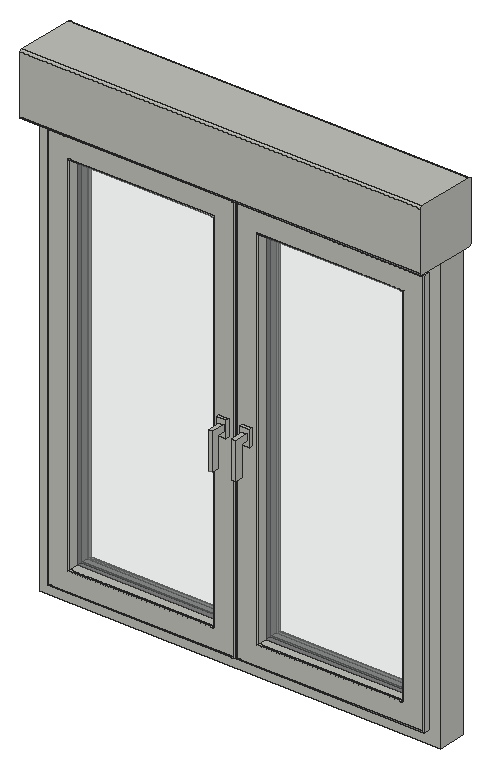
Revit family "2021_ES_Ventana_Replus_RE80-PVC-i30_11204_2H_Cajon-Persiana", category Ventanas, Revit 2021
Family settings
  Anfitrión = Muro
  Número OmniClass = 23.30.20.00
  Título OmniClass = Windows
  Siempre vertical = Sí
  Corte con vacíos al cargar = No
  Compartido = No
  Punto de cálculo de habitación = No
Parameters (values of type "11204_BOX")
  Ι_Wll Thcknss [instance] = 200.000 mm
  Ι_Wdth Cntrl = if(Anchura < 791.000 mm, 791.000 mm, if(Anchura > 2961.000 mm, 2961.000 mm, Anchura))  # 1200.000 mm
  Ι_Nst Cntrl [instance] = if(Retranqueo > Ι_Wll Thcknss - 80.000 mm, Ι_Wll Thcknss - 80.000 mm, if(Retranqueo = Ι_Wll Thcknss - 80.000 mm, Ι_Wll Thcknss - 80.000 mm, Retranqueo))  # 0.000 mm
  Ι_Hndl Hght Cntrl = if(Altura de Manilla < 200.000 mm, 200.000 mm, if(Altura de Manilla > Ι_Hght Cntrl - 150.000 mm, Ι_Hght Cntrl - 150.000 mm, Altura de Manilla))  # 650.000 mm
  Ι_Hght Cntrl = if(Altura < 429.000 mm, 429.000 mm, if(Altura > 2658.000 mm, 2658.000 mm, Altura))  # 1300.000 mm
  Zona = ""
  Visibilidad Líneas Apertura - Planta = yes
  Visibilidad Líneas Apertura - Alzado = yes
  Vida Util Esperada = ""
  Version Estandar GDO-BIM = "GDO-BIM V02"  # constant formula
  Version = "RVT2021"  # constant formula
  Verano de transmitancia termica = 0
  Unidad Medicion = ""
  Unidad = ""
  Uniclass2015 Titulo = ""
  Uniclass2015 Codigo = ""
  URL de Declaracion de Prestaciones = ""
  URL Producto = "https://replus.es/bim/"
  URL Perfil BIM = "https://bimetica.com/es/objeto-bim-replus-ventana-re80-pvc-i30-2-hojas-oscilobatientes-cajon-persiana-11110.html"
  URL = "https://replus.es/"
  UNSPSC Titulo = "Windows"  # constant formula
  UNSPSC Codigo = "30171600"  # constant formula
  Transmitancia termica invierno = 0
  Transmitancia solar = 0
  Transmitancia de ganancia de calor solar = 0
  Transmision de luz visible = 0
  Titular = "Regicarp, S.L."  # constant formula
  Tipo Embalaje Proteccion = ""
  Tiene antepecho interno = yes
  Tiene antepecho externo = yes
  Tiempo Util De Vida = ""
  Tiempo Medio Entre Fallos = ""
  Telefono Contacto = "+34 966544310"  # constant formula
  Soporte tecnico BIM = "https://bimsupport.info/es/fabricantes/regicarp-replus-bim/"
  Sistema = ""
  Serie = ""
  Responsable Seguridad = ""
  Responsable Prescripcion = ""
  Responsable Compra = ""
  Residuos Peligrosos por Unidad = 0
  Residuos No Peligrosos por Unidad = 0
  Residuo Radioactivo por Unidad = 0
  Residuo Inerte por Unidad = 0
  Reflectancia solar = 0
  Reflectancia de luz visible = 0
  Referencia Unidad Funcional = ""
  Referencia Lote = ""
  Referencia Contacto Soporte Tecnico = ""
  Referencia Contacto Comercial Venta = ""
  Referencia = "RE 80/PVC/i30"
  Punto de Contacto = ""
  Proteccion con Malla = yes
  Plataforma descaga contenido BIM = "www.bimetica.com"
  Periodo Garantia = ""
  Partida URL = ""
  Pais de Venta = ""
  Omniclass Titulo = "Plastic Windows"  # constant formula
  Omniclass Codigo = "23-17 13 17"  # constant formula
  Numero de Licencia = "XXXXXXXXXX9500 / No-aportada por bimboject AB (anterior)"  # constant formula
  Numero de Declaracion de Prestaciones = ""
  Numero Serie = ""
  Numero Articulo Global Comercial = ""
  Numero Articulo = ""
  Nivel de Riesgo = ""
  Material Envoltura = ""
  Material Contenedor = ""
  Material = PVC - Replus - 9152 - White
  Masterformat Titulo = "Plastic Windows"  # constant formula
  Masterformat Codigo = "08 53 00"  # constant formula
  Marcado CE = yes
  Mantenimiento = ""
  Lugar Ensamblaje = ""
  Instrucciones Especiales = ""
  Informacion Tecnica = ""
  IfcExportType = "Oscilobatiente"  # constant formula
  IfcExportAs = "IfcWindow"  # constant formula
  Identificador Garantia = ""
  Historial = "(RVT2021) Creacion de Elemento."  # constant formula
  Gubimclass Titulo = "Ventanas de fachadas"  # constant formula
  Gubimclass Codigo = "30.10.20.10"  # constant formula
  Gas de Relleno = ""
  Garantia Extendida = yes
  Fuente Datos LCA = ""
  Formacion Fotoquimica Ozono por Unidad = 0
  Fecha Vencimiento Elemento BIM = ""
  Fecha Suministro = ""
  Fecha Inicio Garantia = ""
  Fecha Fin Garantia = ""
  Fecha Evaluacion = ""
  Fecha Emision Elemento BIM = ""
  Fecha Compra = ""
  Fecha Colocacion = ""
  Fase Ciclo Vida = ""
  Falta de Recursos por Unidad = 0
  Exclusiones = ""
  Eutrofizacion por Unidad = 0
  Etiqueta Modelo = ""
  Estandar seguridad = ""
  Espesor de vidrio 3 = 0.000 mm
  Espesor de vidrio 2 = 0.000 mm
  Espesor de vidrio 1 = 0.000 mm
  Espacio libre acceso = 0.000 mm
  Espacio = ""
  Es templado = yes
  Es recubierto = yes
  Es laminado = yes
  Es Exterior = yes
  Es Accesible = yes
  Energia consumida = 0
  Energia Renovable Consumida por Unidad = 0
  Energia Primaria Total Consumida por Unidad = 0
  Energia No Renovable Consumida por Unidad = 0
  Email Contacto = "info@replus.es"  # constant formula
  Destruccion Capa Ozono Estratosferica por Unidad = 0
  Descripcion Evaluacion = ""
  Dependiente De = ""
  Definir propiedades térmicas por = Tipo esquemático
  Declaracion Ambiental de Producto URL = ""
  Creditos LEED = ""
  Creditos BREEAM = ""
  Coste Mantenimiento = 0
  Contenido Garantia = ""
  Contacto = ""
  Condiciones de Venta = ""
  Condiciones Evaluacion = ""
  Color de vidrio = ""
  Coeficiente de sombreado = 0
  Codigo Barras = ""
  Codigo = ""
  Clasificacion de carga de viento = ""
  Capas de vidrio = 0
  Cambio Climatico por Unidad = 0
  COBie Categoria = "IfcWindow"
  Base Precio Producto 03 = ""
  Base Precio Producto 02 = ""
  Base Precio Producto 01 = ""
  Autor = "Bimetica Parametric Design Services S.L. (actual) / bimobject AB (anterior)"
  Ano Produccion = ""
  Anchura aproximada = Ι_Wdth Cntrl + 2 * Hueco  # 1220.000 mm
  Altura minima requerida = 0.000 mm
  Altura aproximada = Ι_Hght Cntrl + 2 * Hueco  # 1320.000 mm
  Retranqueo [instance] = 0.000 mm
  Product Material = PVC - Replus - 9152 - White
  Modelo = "11204_BOX"
  Material secondary = "Glass"
  Material main = "PVC"
  Fabricante = "Replus"
  Nota clave = "08500"
  I_Lf_Cntrl = (Ι_Wdth Cntrl - 2.000 mm * 36.8 - 6.000 mm) / 2  # 560.200 mm
  I_Glss_Wdth = (Ι_Wdth Cntrl - 2.000 mm * 36.8 - 6.000 mm) / 2 - (79.000 mm * 2)  # 402.200 mm
  Hueco = 10.000 mm
  Altura = 1300.000 mm
  Exceso Dimensiones = or(and(Altura < 429.000 mm, Advertencia Dimensión), and(Anchura < 791.000 mm, Advertencia Dimensión), and(Anchura > 2961.000 mm, Advertencia Dimensión), and(Altura > 2658.000 mm, Advertencia Dimensión))  # no
  Edition number = 1
  Descripción = "Perfiles de hoja oculta en PVC, mejorando sustancialmente el campo visual, con triple junta (mediante junta rigida en el marco) protegiendo de esta manera todos los puntos de cierre, aumentando la seguridad y proporcionando una junta perimetral completa, con perfilería de clasificación máxima S-II-A"
  Default Sill Height = 800.000 mm
  Cierre de muro = Por anfitrión
  Anchura = 1200.000 mm
  Código de montaje = "B2020100"
  Construcción analítica = "<None>"
  Altura de Manilla = 650.000 mm
  Agua Consumida por Unidad = 0
  Advertencia Dimensión = yes
  Acidificacion Atmosferica por Unidad = 0
  Acabado = ""
  Absorcion solar = 0
Types (2, lengths in mm): name | Ι_Wdth Cntrl | Ι_Hndl Hght Cntrl | Ι_Hght Cntrl | Anchura aproximada | Altura aproximada | I_Lf_Cntrl | I_Glss_Wdth | Altura | Anchura | Altura de Manilla
  11204_BOX | 1200.000 | 650.000 | 1300.000 | 1220.000 | 1320.000 | 560.200 | 402.200 | 1300.000 | 1200.000 | 650.000
  2 | 800.000 | 300.000 | 800.000 | 820.000 | 820.000 | 360.200 | 202.200 | 800.000 | 800.000 | 300.000
Reference planes
  plane 1 "Center (Front/Back)": y = 0
  plane 2 "Center (Left/Right)": x = 0
  plane 3 "Left": x = -610
  plane 4 "Right": x = 610
  plane 5 "Sill": z = 800
  plane 6 "Head": z = 2305
  plane 7 "Exterior": y = 100
  plane 8 "Interior": y = -100
  plane 9: x = -600
  plane 10: x = 600
  plane 11: z = 2110
  plane 12: z = 810
  plane 13 "Inset": y = -20
  plane 14: x = -563.2
  plane 15: x = 563.2
  plane 16: z = 2073.2
  plane 17: z = 846.8
  plane 18 "fg": x = -503.2
  plane 19 "glass": y = -42.5
  plane 20: y = -46.5
  plane 21: y = -64.5
  plane 22: y = -68.5
  plane 23: y = -86.5
  plane 24: y = -90.5
  plane 25: x = 503.2
  plane 26 "fg2": z = 2025.2
  plane 27: z = 894.8
  plane 28: x = -3
  plane 29: x = 3
  plane 30: x = 63
  plane 31: x = -63
  plane 32: x = -35
  plane 33: x = 35
  plane 34: x = -300
  plane 35: x = 300
  plane 36: z = 1460
  plane 37: y = -53
  plane 38: y = -104.304
  plane 39: y = 500
  plane 40: y = -100
  plane 41: x = -46
  plane 42: x = 46
  plane 43: x = -520.2
  plane 44: x = 520.2
  plane 45: z = 2030.2
  plane 46: z = 889.8
  plane 47: z = 2009.2
  plane 48: z = 910.8
  plane 49: x = -499.2
  plane 50: x = -67
  plane 51: x = 67
  plane 52: x = 499.2
  plane 53: y = -38.5
  plane 54: y = -118.5
  plane 55 "C": y = -78.5
  plane 56 "fg3": x = -515.2
  plane 57 "5": x = -51
  plane 58 "3": x = -509.2
  plane 59 "1": z = 900.8
  plane 60 "2": z = 2019.2
  plane 61 "4": x = -57
  plane 62: x = 51
  plane 63: x = 515.2
  plane 64: x = 57
  plane 65: x = 509.2
  plane 66: z = 2295
  plane 67: y = 10
Forms (mm)
  Sweep 1, solid, material "PVC - Replus - 9152 - White" <- "Product Material", detail levels fine
    path origin (0, -20, 0) x (-1, 0, 0) y (0, 0, 1)
      loop
        line (600, 2110) -> (-600, 2110) -> (-600, 810) -> (600, 810) -> (600, 2110)
    profile origin (-600, -20, 1460) x (1, 0, 0) y (0, 1, 0)
      loop
        line (0, -80) -> (43.8, -80)
        arc (43.8, -80) -> (44.507, -79.707) -> (44.8, -79) r 1
        line (44.8, -79) -> (44.8, -38) -> (63.811, -38) -> (63.811, -18.5) -> (75.767, -18.5)
        arc (75.767, -18.5) -> (76.56, -18.109) -> (76.733, -17.241) r 1
        line (76.733, -17.241) -> (72.709, -2.224)
        arc (72.709, -2.224) -> (71.637, -0.62) -> (69.811, 0) r 3
        line (69.811, 0) -> (0, 0) -> (0, -80)
  Extrusion 2, solid, material "Glass - Replus", detail levels fine
    sketch origin (0, 0, 0) x (1, 0, 0) y (0, 1, 0)
      loop
        line (-515.2, -42.5) -> (-515.2, -46.5) -> (-51, -46.5) -> (-51, -42.5) -> (-515.2, -42.5)
      loop
        line (-515.2, -64.5) -> (-515.2, -68.5) -> (-51, -68.5) -> (-51, -64.5) -> (-515.2, -64.5)
      loop
        line (-515.2, -86.5) -> (-515.2, -90.5) -> (-51, -90.5) -> (-51, -86.5) -> (-515.2, -86.5)
      loop
        line (51, -42.5) -> (51, -46.5) -> (515.2, -46.5) -> (515.2, -42.5) -> (51, -42.5)
      loop
        line (51, -64.5) -> (51, -68.5) -> (515.2, -68.5) -> (515.2, -64.5) -> (51, -64.5)
      loop
        line (51, -86.5) -> (51, -90.5) -> (515.2, -90.5) -> (515.2, -86.5) -> (51, -86.5)
    from 894.8 to 2025.2
  Sweep 3, solid, material "PVC - Replus - 9152 - White" <- "Product Material", detail levels fine
    path origin (0, -20, 0) x (-1, 0, 0) y (0, 0, 1)
      loop
        line (0, 2073.2) -> (0, 846.8)
    profile "Profile 05 - Inversora : Profile 05 - Inversora" origin (0, -20, 1460) x (-1, 0, 0) y (0, 1, 0)
      loop
        line (36.791, 0) -> (-38.492, 0)
        arc (-38.492, 0) -> (-39.937, -0.49) -> (-40.784, -1.758) r 2.372
        line (-40.784, -1.758) -> (-45.27, -18.5) -> (-35.296, -18.5) -> (-19.158, -18.5) -> (-19.158, -28.799) -> (-35.094, -38) -> (-10.996, -38) -> (-10.996, -58.9) -> (-8.796, -58.9) -> (-8.796, -60.9) -> (-5.696, -60.9) -> (-5.696, -59.85) -> (0.504, -59.85) -> (0.504, -74.15) -> (-6.296, -74.15) -> (-6.296, -73.1) -> (-8.796, -73.1) -> (-8.796, -75.1) -> (-10.996, -75.1) -> (-10.996, -79.5)
        arc (-10.996, -79.5) -> (-10.85, -79.854) -> (-10.496, -80) r 0.5
        line (-10.496, -80) -> (22.004, -80) -> (22.004, -79) -> (22.004, -56.25) -> (22.004, -38) -> (33.504, -38)
        arc (33.504, -38) -> (33.857, -37.854) -> (34.004, -37.5) r 0.5
        line (34.004, -37.5) -> (34.004, -20.5) -> (34.004, -18.5) -> (43.47, -18.5) -> (38.958, -1.663)
        arc (38.958, -1.663) -> (38.157, -0.464) -> (36.791, 0) r 2.243
  Sweep 4, solid, material "PVC - Replus - 9152 - White" <- "Product Material", detail levels fine
    path origin (0, -20, 0) x (-1, 0, 0) y (0, 0, 1)
      loop
        line (-563.2, 2073.2) -> (-563.2, 846.8) -> (-3, 846.8) -> (-3, 2073.2) -> (-563.2, 2073.2)
    profile origin (3, -20, 1460) x (0, 1, 0) y (-1, 0, 0)
      loop
        line (-32.5, -33) -> (-42, -33) -> (-42, -27.5) -> (-42, -20) -> (-80, -20) -> (-80, -7.5) -> (-80, 0) -> (-95.5, 0)
        arc (-95.5, 0) -> (-97.621, -0.879) -> (-98.5, -3) r 3
        line (-98.5, -3) -> (-98.5, -61)
        arc (-98.5, -61) -> (-97.621, -63.121) -> (-95.5, -64) r 3
        line (-95.5, -64) -> (-70.5, -64) -> (-70.5, -43) -> (-22.5, -43) -> (-22.5, -40.495) -> (-22.5, -33) -> (-32.5, -33)
  Sweep 5, solid, material "PVC - Replus - 9152 - White" <- "Product Material", detail levels fine
    path origin (0, -20, 0) x (-1, 0, 0) y (0, 0, 1)
      loop
        line (563.2, 2073.2) -> (3, 2073.2) -> (3, 846.8) -> (563.2, 846.8) -> (563.2, 2073.2)
    profile origin (-563.2, -20, 1460) x (1, 0, 0) y (0, 1, 0)
      loop
        line (33, -32.5) -> (33, -42) -> (27.5, -42) -> (20, -42) -> (20, -80) -> (7.5, -80) -> (0, -80) -> (0, -95.5)
        arc (0, -95.5) -> (0.879, -97.621) -> (3, -98.5) r 3
        line (3, -98.5) -> (61, -98.5)
        arc (61, -98.5) -> (63.121, -97.621) -> (64, -95.5) r 3
        line (64, -95.5) -> (64, -70.5) -> (43, -70.5) -> (43, -22.5) -> (40.495, -22.5) -> (33, -22.5) -> (33, -32.5)
  Sweep 6, solid, material "PVC - Replus - 9152 - White" <- "Product Material", detail levels medium
    path origin (0, -20, 0) x (-1, 0, 0) y (0, 0, 1)
      loop
        line (0, 846.8) -> (0, 2073.2)
    profile origin (0, -20, 1460) x (1, 0, 0) y (0, 1, 0)
      loop
        line (-43.202, 0) -> (-43.202, -18.5) -> (-36, -18.5) -> (-36, -19.5) -> (-36, -42) -> (-23.004, -42) -> (-23.004, -80) -> (23, -80) -> (23, -58.9) -> (23, -42) -> (36, -42) -> (36, -38.377) -> (36, -18.5) -> (41.196, -18.5) -> (44.198, -18.5) -> (44.198, 0) -> (-43.202, 0)
  Sweep 7, solid, material "PVC - Replus - 9152 - White" <- "Product Material", detail levels medium
    path origin (0, -20, 0) x (-1, 0, 0) y (0, 0, 1)
      loop
        line (600, 2110) -> (-600, 2110) -> (-600, 810) -> (600, 810) -> (600, 2110)
    profile origin (-600, -20, 1460) x (1, 0, 0) y (0, 1, 0)
      loop
        line (0, -80) -> (56.8, -80) -> (56.8, -42) -> (69.8, -42) -> (69.8, -18.5) -> (76.662, -18.5) -> (76.662, 0) -> (0, 0) -> (0, -80)
  Sweep 8, solid, material "PVC - Replus - 9152 - White" <- "Product Material", detail levels medium
    path origin (0, -20, 0) x (-1, 0, 0) y (0, 0, 1)
      loop
        line (563.2, 2073.2) -> (3, 2073.2) -> (3, 846.8) -> (563.2, 846.8) -> (563.2, 2073.2)
    profile origin (-563.2, -20, 1460) x (1, 0, 0) y (0, 1, 0)
      loop
        line (20, -42) -> (20, -80) -> (0, -80) -> (0, -98.5) -> (64, -98.5) -> (64, -70.5) -> (43, -70.5) -> (43, -22.5) -> (33, -22.5) -> (33, -42) -> (20, -42)
  Sweep 9, solid, material "PVC - Replus - 9152 - White" <- "Product Material", detail levels medium
    path origin (0, -20, 0) x (-1, 0, 0) y (0, 0, 1)
      loop
        line (-3, 2073.2) -> (-563.2, 2073.2) -> (-563.2, 846.8) -> (-3, 846.8) -> (-3, 2073.2)
    profile origin (3, -20, 1460) x (1, 0, 0) y (0, 1, 0)
      loop
        line (20, -42) -> (20, -80) -> (0, -80) -> (0, -98.5) -> (64, -98.5) -> (64, -70.5) -> (43, -70.5) -> (43, -22.5) -> (33, -22.5) -> (33, -42) -> (20, -42)
  Sweep 10, solid, material "PVC - Replus - 9152 - White" <- "Product Material", detail levels coarse
    path origin (0, -20, 0) x (-1, 0, 0) y (0, 0, 1)
      loop
        line (600, 2110) -> (-600, 2110) -> (-600, 810) -> (600, 810) -> (600, 2110)
    profile origin (-600, -20, 1460) x (1, 0, 0) y (0, 1, 0)
      loop
        line (0, -80) -> (56.8, -80) -> (56.8, -18.5) -> (76.662, -18.5) -> (76.662, 0) -> (0, 0) -> (0, -80)
  Sweep 11, solid, material "PVC - Replus - 9152 - White" <- "Product Material", detail levels coarse
    path origin (0, -20, 0) x (-1, 0, 0) y (0, 0, 1)
      loop
        line (563.2, 2073.2) -> (3, 2073.2) -> (3, 846.8) -> (563.2, 846.8) -> (563.2, 2073.2)
    profile origin (-563.2, -20, 1460) x (1, 0, 0) y (0, 1, 0)
      loop
        line (20, -75.1) -> (20, -80) -> (7.5, -80) -> (0, -80) -> (0, -98.5) -> (64, -98.5) -> (64, -18.5) -> (43, -18.5) -> (40.495, -18.5) -> (20, -18.5) -> (20, -75.1)
  Sweep 12, solid, material "PVC - Replus - 9152 - White" <- "Product Material", detail levels coarse
    path origin (0, -20, 0) x (-1, 0, 0) y (0, 0, 1)
      loop
        line (-3, 2073.2) -> (-563.2, 2073.2) -> (-563.2, 846.8) -> (-3, 846.8) -> (-3, 2073.2)
    profile origin (3, -20, 1460) x (1, 0, 0) y (0, 1, 0)
      loop
        line (20, -75.1) -> (20, -80) -> (7.5, -80) -> (0, -80) -> (0, -98.5) -> (64, -98.5) -> (64, -18.5) -> (43, -18.5) -> (40.495, -18.5) -> (20, -18.5) -> (20, -75.1)
  Extrusion 13, solid, material "Glass - Replus", detail levels medium
    sketch origin (0, 0, 0) x (1, 0, 0) y (0, 1, 0)
      loop
        line (-520.2, -42.5) -> (-520.2, -90.5) -> (-46, -90.5) -> (-46, -42.5) -> (-520.2, -42.5)
      loop
        line (520.2, -42.5) -> (46, -42.5) -> (46, -90.5) -> (520.2, -90.5) -> (520.2, -42.5)
    from 889.8 to 2030.2
  Sweep 14, solid, material "PVC - Replus - 9152 - White" <- "Product Material", detail levels coarse
    path origin (0, -20, 0) x (-1, 0, 0) y (0, 0, 1)
      loop
        line (0, 846.8) -> (0, 2073.2)
    profile origin (0, -20, 1460) x (1, 0, 0) y (0, 1, 0)
      loop
        line (-43.206, 0) -> (-43.206, -18.5) -> (-23.004, -18.5) -> (-23.004, -80) -> (22.996, -80) -> (22.996, -18.5) -> (41.192, -18.5) -> (44.194, -18.5) -> (44.194, 0) -> (-43.206, 0)
  Extrusion 15, solid, material "Glass - Replus", detail levels coarse
    sketch origin (0, 0, 0) x (1, 0, 0) y (0, 1, 0)
      loop
        line (-499.2, -38.5) -> (-499.2, -118.5) -> (-67, -118.5) -> (-67, -38.5) -> (-499.2, -38.5)
      loop
        line (67, -38.5) -> (67, -118.5) -> (499.2, -118.5) -> (499.2, -38.5) -> (67, -38.5)
    from 910.8 to 2009.2
  Sweep 16, solid, material "Rubber - Replus - Black", detail levels fine
    path origin (0, -20, 0) x (-1, 0, 0) y (0, 0, 1)
      loop
        line (509.2, 2019.2) -> (57, 2019.2) -> (57, 900.8) -> (509.2, 900.8) -> (509.2, 2019.2)
    profile origin (-509.2, -20, 1460) x (1, 0, 0) y (0, 1, 0)
      loop
        line (0, -26.5) -> (0, -44.5) -> (6, -44.5) -> (6, -26.5) -> (0, -26.5)
      loop
        line (0, -48.5) -> (0, -66.5) -> (6, -66.5) -> (6, -48.5) -> (0, -48.5)
  Sweep 17, solid, material "Rubber - Replus - Black", detail levels medium+fine
    path origin (0, -20, 0) x (-1, 0, 0) y (0, 0, 1)
      loop
        line (520.2, 2030.2) -> (46, 2030.2) -> (46, 889.8) -> (520.2, 889.8) -> (520.2, 2030.2)
    profile origin (-520.2, -20, 1460) x (1, 0, 0) y (0, 1, 0)
      loop
        line (-10, -18.5) -> (-10, -22.5) -> (21, -22.5) -> (21, -18.5) -> (-10, -18.5)
  Sweep 18, solid, material "Rubber - Replus - Black", detail levels medium+fine
    path origin (566.2, -20, 0) x (-1, 0, 0) y (0, 0, 1)
      loop
        line (520.2, 2030.2) -> (46, 2030.2) -> (46, 889.8) -> (520.2, 889.8) -> (520.2, 2030.2)
    profile origin (46, -20, 1460) x (1, 0, 0) y (0, 1, 0)
      loop
        line (-10, -18.5) -> (-10, -22.5) -> (21, -22.5) -> (21, -18.5) -> (-10, -18.5)
  Sweep 19, solid, material "Rubber - Replus - Black", detail levels fine
    path origin (566.2, -20, 0) x (-1, 0, 0) y (0, 0, 1)
      loop
        line (509.2, 2019.2) -> (57, 2019.2) -> (57, 900.8) -> (509.2, 900.8) -> (509.2, 2019.2)
    profile origin (57, -20, 1460) x (1, 0, 0) y (0, 1, 0)
      loop
        line (0, -26.5) -> (0, -44.5) -> (6, -44.5) -> (6, -26.5) -> (0, -26.5)
      loop
        line (0, -48.5) -> (0, -66.5) -> (6, -66.5) -> (6, -48.5) -> (0, -48.5)
Cuts and joins
  joined: Sweep 6, Sweep 7
  joined: Sweep 10, Sweep 14
  joined: Sweep 1, Sweep 3
Lines and regions (mm)
  Opening 1
    outline origin (3500, -100, 0) x (1, 0, 0) y (0, 0, 1)
      loop
        line (-2890, 800) -> (-2890, 2305) -> (-4110, 2305) -> (-4110, 800) -> (-2890, 800)
  symbolic lines, style "Symbolic Lines Replus", visible <- "Visibilidad Líneas Apertura - Alzado"
    curve 1: line (-300, -20, 2009.2) -> (-499.2, -20, 910.8)
    curve 2: line (-300, -20, 2009.2) -> (-67, -20, 910.8)
    curve 3: line (-67, -20, 1460) -> (-499.2, -20, 2009.2)
    curve 4: line (-67, -20, 1460) -> (-499.2, -20, 910.8)
    curve 5: line (300, -20, 2009.218) -> (67, -20, 910.8)
    curve 6: line (300, -20, 2009.218) -> (499.2, -20, 910.8)
    curve 7: line (67, -20, 1460) -> (499.2, -20, 2009.2)
    curve 8: line (67, -20, 1460) -> (499.2, -20, 910.8)
  symbolic lines, detail levels coarse
    curve 9: line (499.2, -78.5, 0) -> (67, -78.5, 0)
    curve 10: line (-499.2, -78.5, 0) -> (-67, -78.5, 0)
    curve 11: line (-610, -78.5, 2009.2) -> (-610, -78.5, 910.8)
  symbolic lines, visible <- "Visibilidad Líneas Apertura - Planta"
    curve 12: line (-563.2, -118.5, 0) -> (-563.2, -678.604, 0)
    curve 13: arc (-563.2, -678.604, 0) -> (-167.113, -514.559, 0) -> (-3, -118.5, 0) r 560.2
    curve 14: line (563.2, -118.5, 0) -> (563.2, -678.604, 0)
    curve 15: arc (563.2, -678.604, 0) -> (167.113, -514.559, 0) -> (3, -118.5, 0) r 560.2
  model lines, style "Symbolic Lines Replus", visible <- "Visibilidad Líneas Apertura - Alzado"
    curve 16: line (-300, -42.5, 2009.2) -> (-499.2, -42.5, 910.8)
    curve 17: line (-67, -42.5, 910.8) -> (-300, -42.5, 2009.2)
    curve 18: line (-67, -42.5, 1460) -> (-499.2, -42.5, 2009.2)
    curve 19: line (-67, -42.5, 1460) -> (-499.2, -42.5, 910.8)
    curve 20: line (300, -42.5, 2009.2) -> (67, -42.5, 910.8)
    curve 21: line (499.2, -42.5, 910.8) -> (300, -42.5, 2009.2)
    curve 22: line (67, -42.5, 1460) -> (499.2, -42.5, 2009.2)
    curve 23: line (67, -42.5, 1460) -> (499.2, -42.5, 910.8)
Text (mm)
  text "EXTERIOR" at (-1963.203, 1332.353, 0), in view "Ref. Level"
  text "INTERIOR" at (-1981.466, -818.386, 0), in view "Ref. Level"
  text "Exterior" at (0, 923.751, 2943.296), in view "Right"
  text "Exterior" at (0, 1040.484, 2685.409), in view "Left"
Dimensions and locks
  equal spacing: plane 3 "Left", plane 2 "Center (Left/Right)", plane 4 "Right"
  "Ι_Wdth Cntrl": plane 9 to plane 10
  "Ι_Hght Cntrl": plane 12 to plane 11
  "Default Sill Height": plane 5 "Sill" to level
  locked: plane 7 "Exterior" to host wall
  locked: plane 8 "Interior" to host wall
  "Hueco": plane 3 "Left" to plane 9
  "Hueco": plane 10 to plane 4 "Right"
  "Hueco": plane 12 to plane 5 "Sill"
  locked: plane 9 to plane 14 at 36.8
  locked: plane 15 to plane 10 at 36.8
  locked: plane 14 to plane 18 "fg" at 60
  plane 13 "Inset" to plane 19 "glass" to plane 20 to plane 21 to plane 22 to plane 23 to plane 24 = 22.500 mm, 4.000 mm, 18.000 mm, 4.000 mm, 18.000 mm, 4.000 mm
  locked: plane 25 to plane 15 at 60
  plane 28 to plane 2 "Center (Left/Right)" to plane 29 = 3.000 mm locked, 3.000 mm locked
  locked: plane 29 to plane 30 at 60
  locked: plane 31 to plane 28 at 60
  locked: plane 2 "Center (Left/Right)" to plane 33 at 35
  locked: plane 32 to plane 2 "Center (Left/Right)" at 35
  plane 11 to plane 12 = 1300.000 mm
  equal spacing: plane 9, plane 34, plane 2 "Center (Left/Right)"
  equal spacing: plane 10, plane 35, plane 2 "Center (Left/Right)"
  "Ι_Wll Thcknss": host wall to host wall
  plane 38 to plane 37 to plane 13 "Inset" = 51.304 mm, 33.000 mm
  locked: plane 39 to plane 7 "Exterior" at 400
  "Ι_Hndl Hght Cntrl": plane 36 to plane 12
  plane 40 to plane 24 = 9.500 mm
  "Ι_Nst Cntrl": plane 8 "Interior" to plane 40
  plane 13 "Inset" to plane 53 to plane 54 = 18.500 mm locked, 80.000 mm locked
  locked: plane 54 to plane 55 "C" at 40
  plane 43 to plane 56 "fg3" to plane 58 "3" to plane 18 "fg" to plane 49 = 5.000 mm locked, 6.000 mm locked, 6.000 mm locked, 4.000 mm locked
  plane 48 to plane 59 "1" to plane 27 to plane 46 to plane 17 to plane 12 = 10.000 mm locked, 6.000 mm locked, 5.000 mm locked, 43.000 mm locked, 36.800 mm locked
  plane 11 to plane 16 to plane 45 to plane 26 "fg2" to plane 60 "2" to plane 47 = 36.800 mm locked, 43.000 mm locked, 5.000 mm locked, 6.000 mm locked, 10.000 mm locked
  plane 50 to plane 31 to plane 61 "4" to plane 57 "5" to plane 41 = 4.000 mm locked, 6.000 mm locked, 6.000 mm locked, 5.000 mm locked
  plane 42 to plane 62 to plane 64 to plane 30 to plane 51 = 5.000 mm locked, 6.000 mm locked, 6.000 mm locked, 4.000 mm locked
  plane 52 to plane 25 to plane 65 to plane 63 to plane 44 = 4.000 mm locked, 6.000 mm locked, 6.000 mm locked, 5.000 mm locked
  "Hueco": plane 66 to plane 6 "Head"
  locked: plane 11 to plane 66 at 185
  locked: plane 13 "Inset" to plane 67 at 30
  "I_Lf_Cntrl": radius of curve 15
  "I_Lf_Cntrl": radius of curve 13
  aligned and locked: Sweep 1 sketch curve to plane 11
  aligned and locked: Sweep 1 sketch curve to plane 10
  aligned and locked: plane 9 to Sweep 1 sketch curve
  aligned and locked: plane 12 to Sweep 1 sketch curve
  aligned and locked: plane 19 "glass" to Extrusion 2 sketch curve  (x2)
  aligned and locked: Extrusion 2 sketch curve to plane 20  (x2)
  aligned and locked: plane 21 to Extrusion 2 sketch curve  (x2)
  aligned and locked: Extrusion 2 sketch curve to plane 22  (x2)
  aligned and locked: plane 23 to Extrusion 2 sketch curve  (x2)
  aligned and locked: Extrusion 2 sketch curve to plane 24  (x2)
  aligned and locked: plane 26 "fg2" to Extrusion 2
  aligned and locked: Extrusion 2 to plane 27
  aligned and locked: plane 2 "Center (Left/Right)" to Sweep 3 sketch curve  (x2)
  aligned and locked: Sweep 4 sketch curve to plane 16
  aligned and locked: plane 15 to Sweep 4 sketch curve
  aligned and locked: plane 29 to Sweep 4 sketch curve
  aligned and locked: plane 17 to Sweep 4 sketch curve
  aligned and locked: plane 28 to Sweep 5 sketch curve
  aligned and locked: Sweep 5 sketch curve to plane 16
  aligned and locked: plane 14 to Sweep 5 sketch curve
  aligned and locked: plane 17 to Sweep 5 sketch curve
  aligned and locked: plane 2 "Center (Left/Right)" to Sweep 6 sketch curve  (x2)
  aligned and locked: Sweep 7 sketch curve to plane 10
  aligned and locked: plane 9 to Sweep 7 sketch curve
  aligned and locked: plane 12 to Sweep 7 sketch curve
  aligned and locked: Sweep 7 sketch curve to plane 11
  aligned and locked: Sweep 8 sketch curve to plane 16
  aligned and locked: plane 14 to Sweep 8 sketch curve
  aligned and locked: plane 28 to Sweep 8 sketch curve
  aligned and locked: plane 17 to Sweep 8 sketch curve
  aligned and locked: Sweep 9 sketch curve to plane 16
  aligned and locked: plane 15 to Sweep 9 sketch curve
  aligned and locked: plane 29 to Sweep 9 sketch curve
  aligned and locked: plane 17 to Sweep 9 sketch curve
  aligned and locked: plane 9 to Sweep 10 sketch curve
  aligned and locked: Sweep 10 sketch curve to plane 11
  aligned and locked: Sweep 10 sketch curve to plane 10
  aligned and locked: plane 12 to Sweep 10 sketch curve
  aligned and locked: Sweep 11 sketch curve to plane 16
  aligned and locked: plane 28 to Sweep 11 sketch curve
  aligned and locked: plane 14 to Sweep 11 sketch curve
  aligned and locked: plane 17 to Sweep 11 sketch curve
  aligned and locked: Sweep 12 sketch curve to plane 16
  aligned and locked: plane 15 to Sweep 12 sketch curve
  aligned and locked: plane 29 to Sweep 12 sketch curve
  aligned and locked: plane 17 to Sweep 12 sketch curve
  aligned and locked: plane 2 "Center (Left/Right)" to Sweep 14 sketch curve  (x2)
  aligned and locked: plane 16 to Sweep 6 sketch curve
  aligned and locked: plane 17 to Sweep 6 sketch curve
  aligned and locked: plane 16 to Sweep 3 sketch curve
  aligned and locked: plane 17 to Sweep 3 sketch curve
  aligned and locked: plane 16 to Sweep 14 sketch curve
  aligned and locked: plane 17 to Sweep 14 sketch curve
  aligned and locked: nested 3 to plane 39
  aligned and locked: nested 3 to plane 2 "Center (Left/Right)"
  aligned and locked: plane 43 to Extrusion 13 sketch curve
  aligned and locked: plane 19 "glass" to Extrusion 13 sketch curve
  aligned and locked: plane 41 to Extrusion 13 sketch curve
  aligned and locked: Extrusion 13 sketch curve to plane 42
  aligned and locked: Extrusion 13 sketch curve to plane 19 "glass"
  aligned and locked: Extrusion 13 sketch curve to plane 44
  aligned and locked: Extrusion 13 to plane 46
  aligned and locked: plane 45 to Extrusion 13
  aligned and locked: plane 49 to Extrusion 15 sketch curve
  aligned and locked: Extrusion 15 sketch curve to plane 54  (x2)
  aligned and locked: plane 53 to Extrusion 15 sketch curve  (x2)
  aligned and locked: plane 50 to Extrusion 15 sketch curve
  aligned and locked: plane 51 to Extrusion 15 sketch curve
  aligned and locked: plane 52 to Extrusion 15 sketch curve
  aligned and locked: plane 47 to Extrusion 15
  aligned and locked: Extrusion 15 to plane 48
  aligned and locked: curve 9 to plane 55 "C"
  aligned and locked: plane 55 "C" to curve 9
  aligned and locked: plane 51 to curve 9
  aligned and locked: plane 52 to curve 9
  aligned and locked: plane 55 "C" to curve 10  (x2)
  aligned and locked: plane 50 to curve 10
  aligned and locked: plane 49 to curve 10
  aligned and locked: curve 11 to plane 55 "C"
  aligned and locked: plane 55 "C" to curve 11
  aligned and locked: plane 48 to curve 11
  aligned and locked: plane 47 to curve 11
  aligned and locked: plane 47 to curve 7
  aligned and locked: plane 52 to curve 7
  aligned and locked: plane 35 to curve 5
  aligned and locked: plane 52 to curve 6
  aligned and locked: plane 51 to curve 5
  aligned and locked: plane 48 to curve 5
  aligned and locked: plane 48 to Extrusion 15
  aligned and locked: plane 50 to curve 2
  aligned and locked: plane 49 to curve 4
  aligned and locked: plane 48 to curve 1
  aligned and locked: plane 47 to curve 2
  aligned and locked: curve 12 to plane 14
  aligned and locked: plane 54 to curve 12
  aligned and locked: plane 54 to curve 13
  aligned and locked: plane 28 to curve 13
  aligned and locked: plane 54 to curve 14
  aligned and locked: plane 15 to curve 14
  aligned and locked: plane 29 to curve 15
  aligned and locked: plane 36 to curve 19
  aligned and locked: plane 50 to curve 19
  aligned and locked: plane 47 to curve 18
  aligned and locked: plane 49 to curve 18
  aligned and locked: plane 34 to curve 16
  aligned and locked: plane 48 to curve 17
  aligned and locked: plane 50 to curve 17
  aligned and locked: plane 35 to curve 20
  aligned and locked: plane 47 to curve 20
  aligned and locked: plane 51 to curve 20
  aligned and locked: plane 48 to curve 23
  aligned and locked: plane 36 to curve 22
  aligned and locked: plane 51 to curve 23
  aligned and locked: plane 56 "fg3" to Extrusion 2 sketch curve  (x3)
  aligned and locked: plane 57 "5" to Extrusion 2 sketch curve  (x3)
  aligned and locked: Sweep 16 sketch curve to plane 60 "2"
  aligned and locked: plane 58 "3" to Sweep 16 sketch curve
  aligned and locked: plane 61 "4" to Sweep 16 sketch curve
  aligned and locked: plane 59 "1" to Sweep 16 sketch curve
  aligned and locked: nested 1 to plane 36
  aligned and locked: nested 1 to plane 32
  aligned and locked: plane 43 to Sweep 17 sketch curve
  aligned and locked: plane 62 to Extrusion 2 sketch curve  (x3)
  aligned and locked: plane 63 to Extrusion 2 sketch curve  (x3)
  aligned and locked: plane 42 to Sweep 18 sketch curve
  aligned and locked: plane 44 to Sweep 18 sketch curve
  aligned and locked: Sweep 17 sketch curve to plane 45
  aligned and locked: plane 46 to Sweep 17 sketch curve
  aligned and locked: Sweep 18 sketch curve to plane 45
  aligned and locked: plane 46 to Sweep 18 sketch curve
  aligned and locked: plane 33 to nested 2
  aligned and locked: nested 2 to plane 36
  aligned and locked: Sweep 19 sketch curve to plane 60 "2"
  aligned and locked: plane 65 to Sweep 19 sketch curve
  aligned and locked: plane 64 to Sweep 19 sketch curve
  aligned and locked: plane 59 "1" to Sweep 19 sketch curve
  aligned and locked: Extrusion 13 sketch curve to plane 24
  aligned and locked: plane 24 to Extrusion 13 sketch curve
  aligned and locked: plane 41 to Sweep 17 sketch curve
  aligned and locked: plane 67 to nested 4
  aligned and locked: nested 4 to plane 2 "Center (Left/Right)"
  aligned and locked: nested 4 to plane 11
Automatic sketch dimensions
  plane 3 "Left" to Opening 1 sketch curve = 0.000 mm
  plane 4 "Right" to Opening 1 sketch curve = 0.000 mm
  Opening 1 sketch curve to plane 5 "Sill" = 0.000 mm
  Opening 1 sketch curve to plane 6 "Head" = 0.000 mm
  curve 8 to plane 36 = 0.000 mm
  curve 8 to plane 51 = 0.000 mm
  curve 3 to plane 36 = 0.000 mm
  plane 50 to curve 3 = 0.000 mm
  curve 2 to plane 34 = 0.000 mm
  curve 3 to plane 47 = 0.000 mm
  curve 3 to plane 49 = 0.000 mm
  curve 8 to plane 48 = 0.000 mm
  curve 2 to plane 48 = 0.000 mm
  plane 47 to curve 5 = 0.018 mm
  Sweep 1 sketch curve to profile plane = 0.000 mm
  Sweep 1 sketch curve to plane 13 "Inset" = 0.000 mm
  Sweep 1 sketch curve to profile plane = 43.800 mm
  Sweep 1 sketch curve to Sweep 1 sketch curve = 1.000 mm
  Sweep 1 sketch curve to Sweep 1 sketch curve = 19.011 mm
  Sweep 1 sketch curve to Sweep 1 sketch curve = 6.000 mm
  Sweep 1 sketch curve to plane 13 "Inset" = 2.224 mm
  Sweep 1 sketch curve to Sweep 1 sketch curve = 2.898 mm
  Sweep 1 sketch curve to Sweep 1 sketch curve = 11.956 mm
  Sweep 1 sketch curve to plane 13 "Inset" = 17.241 mm
  Sweep 1 sketch curve to Sweep 1 sketch curve = 0.966 mm
  Sweep 1 sketch curve to Sweep 1 sketch curve = 0.259 mm
  Sweep 1 sketch curve to Sweep 1 sketch curve = 19.500 mm
  Sweep 1 sketch curve to Sweep 1 sketch curve = 41.000 mm
  Sweep 7 sketch curve to profile plane = 0.000 mm
  Sweep 7 sketch curve to plane 13 "Inset" = 0.000 mm
  Sweep 7 sketch curve to profile plane = 56.800 mm
  Sweep 7 sketch curve to Sweep 7 sketch curve = 13.000 mm
  Sweep 7 sketch curve to Sweep 7 sketch curve = 6.862 mm
  Sweep 7 sketch curve to plane 13 "Inset" = 18.500 mm
  Sweep 7 sketch curve to Sweep 7 sketch curve = 23.500 mm
  Sweep 7 sketch curve to Sweep 7 sketch curve = 38.000 mm
  Sweep 10 sketch curve to profile plane = 0.000 mm
  Sweep 10 sketch curve to plane 13 "Inset" = 0.000 mm
  Sweep 10 sketch curve to Sweep 10 sketch curve = 56.800 mm
  Sweep 10 sketch curve to Sweep 10 sketch curve = 19.862 mm
  Sweep 10 sketch curve to plane 13 "Inset" = 18.500 mm
  Sweep 10 sketch curve to plane 13 "Inset" = 80.000 mm
  Sweep 5 sketch curve to profile plane = 0.000 mm
  Sweep 5 sketch curve to profile plane = 3.000 mm
  Sweep 5 sketch curve to profile plane = 7.500 mm
  Sweep 5 sketch curve to Sweep 5 sketch curve = 12.500 mm
  Sweep 5 sketch curve to Sweep 5 sketch curve = 7.500 mm
  Sweep 5 sketch curve to Sweep 5 sketch curve = 5.500 mm
  Sweep 5 sketch curve to Sweep 5 sketch curve = 7.495 mm
  Sweep 5 sketch curve to Sweep 5 sketch curve = 23.000 mm
  Sweep 5 sketch curve to Sweep 5 sketch curve = 18.000 mm
  Sweep 5 sketch curve to Sweep 5 sketch curve = 21.000 mm
  Sweep 5 sketch curve to plane 13 "Inset" = 98.500 mm
  Sweep 5 sketch curve to Sweep 5 sketch curve = 15.500 mm
  Sweep 5 sketch curve to Sweep 5 sketch curve = 25.000 mm
  Sweep 5 sketch curve to Sweep 5 sketch curve = 28.500 mm
  Sweep 5 sketch curve to Sweep 5 sketch curve = 9.500 mm
  Sweep 5 sketch curve to Sweep 5 sketch curve = 10.000 mm
  Sweep 8 sketch curve to profile plane = 0.000 mm
  Sweep 8 sketch curve to profile plane = 20.000 mm
  Sweep 8 sketch curve to Sweep 8 sketch curve = 13.000 mm
  Sweep 8 sketch curve to Sweep 8 sketch curve = 23.000 mm
  Sweep 8 sketch curve to Sweep 8 sketch curve = 21.000 mm
  Sweep 8 sketch curve to plane 13 "Inset" = 98.500 mm
  Sweep 8 sketch curve to Sweep 8 sketch curve = 18.500 mm
  Sweep 8 sketch curve to Sweep 8 sketch curve = 9.500 mm
  Sweep 8 sketch curve to Sweep 8 sketch curve = 28.500 mm
  Sweep 8 sketch curve to Sweep 8 sketch curve = 19.500 mm
  Sweep 11 sketch curve to profile plane = 0.000 mm
  Sweep 11 sketch curve to profile plane = 7.500 mm
  Sweep 11 sketch curve to Sweep 11 sketch curve = 12.500 mm
  Sweep 11 sketch curve to Sweep 11 sketch curve = 20.495 mm
  Sweep 11 sketch curve to Sweep 11 sketch curve = 2.505 mm
  Sweep 11 sketch curve to Sweep 11 sketch curve = 21.000 mm
  Sweep 11 sketch curve to plane 13 "Inset" = 98.500 mm
  Sweep 11 sketch curve to Sweep 11 sketch curve = 18.500 mm
  Sweep 11 sketch curve to Sweep 11 sketch curve = 4.900 mm
  Sweep 11 sketch curve to plane 13 "Inset" = 18.500 mm
  Sweep 12 sketch curve to profile plane = 0.000 mm
  Sweep 12 sketch curve to Sweep 12 sketch curve = 7.500 mm
  Sweep 12 sketch curve to Sweep 12 sketch curve = 12.500 mm
  Sweep 12 sketch curve to Sweep 12 sketch curve = 20.495 mm
  Sweep 12 sketch curve to Sweep 12 sketch curve = 2.505 mm
  Sweep 12 sketch curve to Sweep 12 sketch curve = 21.000 mm
  Sweep 12 sketch curve to plane 13 "Inset" = 98.500 mm
  Sweep 12 sketch curve to Sweep 12 sketch curve = 18.500 mm
  Sweep 12 sketch curve to Sweep 12 sketch curve = 4.900 mm
  Sweep 12 sketch curve to plane 13 "Inset" = 18.500 mm
  Sweep 9 sketch curve to profile plane = 0.000 mm
  Sweep 9 sketch curve to Sweep 9 sketch curve = 20.000 mm
  Sweep 9 sketch curve to Sweep 9 sketch curve = 13.000 mm
  Sweep 9 sketch curve to Sweep 9 sketch curve = 23.000 mm
  Sweep 9 sketch curve to Sweep 9 sketch curve = 21.000 mm
  Sweep 9 sketch curve to plane 13 "Inset" = 98.500 mm
  Sweep 9 sketch curve to Sweep 9 sketch curve = 18.500 mm
  Sweep 9 sketch curve to Sweep 9 sketch curve = 9.500 mm
  Sweep 9 sketch curve to Sweep 9 sketch curve = 28.500 mm
  Sweep 9 sketch curve to Sweep 9 sketch curve = 19.500 mm
  Sweep 4 sketch curve to profile plane = 0.000 mm
  Sweep 4 sketch curve to plane 13 "Inset" = 98.500 mm
  Sweep 4 sketch curve to Sweep 4 sketch curve = 3.000 mm  (x2)
  profile plane to Sweep 4 sketch curve = 7.500 mm
  Sweep 4 sketch curve to Sweep 4 sketch curve = 15.500 mm
  Sweep 4 sketch curve to Sweep 4 sketch curve = 25.000 mm
  Sweep 4 sketch curve to Sweep 4 sketch curve = 28.500 mm
  Sweep 4 sketch curve to Sweep 4 sketch curve = 9.500 mm
  Sweep 4 sketch curve to Sweep 4 sketch curve = 10.000 mm
  Sweep 4 sketch curve to Sweep 4 sketch curve = 12.500 mm
  Sweep 4 sketch curve to Sweep 4 sketch curve = 7.500 mm
  Sweep 4 sketch curve to Sweep 4 sketch curve = 5.500 mm
  Sweep 4 sketch curve to Sweep 4 sketch curve = 7.495 mm
  Sweep 4 sketch curve to Sweep 4 sketch curve = 2.505 mm
  Sweep 4 sketch curve to Sweep 4 sketch curve = 18.000 mm
  Sweep 6 sketch curve to plane 13 "Inset" = 0.000 mm
  Sweep 6 sketch curve to plane 13 "Inset" = 18.500 mm  (x2)
  profile plane to Sweep 6 sketch curve = 43.202 mm
  Sweep 6 sketch curve to Sweep 6 sketch curve = 7.202 mm
  Sweep 6 sketch curve to Sweep 6 sketch curve = 12.996 mm
  Sweep 6 sketch curve to profile plane = 23.000 mm
  Sweep 6 sketch curve to Sweep 6 sketch curve = 12.999 mm
  Sweep 6 sketch curve to Sweep 6 sketch curve = 5.197 mm
  Sweep 6 sketch curve to Sweep 6 sketch curve = 3.002 mm
  Sweep 6 sketch curve to Sweep 6 sketch curve = 1.000 mm
  Sweep 6 sketch curve to plane 13 "Inset" = 38.377 mm
  Sweep 6 sketch curve to Sweep 6 sketch curve = 3.623 mm
  Sweep 6 sketch curve to Sweep 6 sketch curve = 22.500 mm
  Sweep 6 sketch curve to Sweep 6 sketch curve = 16.900 mm
  Sweep 6 sketch curve to Sweep 6 sketch curve = 21.100 mm
  Sweep 14 sketch curve to plane 13 "Inset" = 0.000 mm
  profile plane to Sweep 14 sketch curve = 43.206 mm
  profile plane to Sweep 14 sketch curve = 23.004 mm
  Sweep 14 sketch curve to profile plane = 22.996 mm
  Sweep 14 sketch curve to Sweep 14 sketch curve = 18.196 mm
  Sweep 14 sketch curve to Sweep 14 sketch curve = 3.002 mm
  Sweep 14 sketch curve to plane 13 "Inset" = 18.500 mm  (x2)
  Sweep 14 sketch curve to Sweep 14 sketch curve = 61.500 mm
  plane 54 to curve 15 = 0.000 mm
  plane 14 to curve 13 = 0.000 mm
  plane 15 to curve 15 = 0.000 mm
  curve 16 to plane 48 = 0.000 mm
  curve 16 to plane 49 = 0.000 mm
  plane 52 to curve 21 = 0.000 mm
  curve 22 to plane 47 = 0.000 mm
  plane 52 to curve 22 = 0.000 mm
  curve 20 to plane 48 = 0.000 mm
  curve 17 to plane 47 = 0.000 mm
  Sweep 16 sketch curve to profile plane = 0.000 mm  (x2)
  Sweep 16 sketch curve to profile plane = 6.000 mm
  Sweep 16 sketch curve to Sweep 16 sketch curve = 0.000 mm
  Sweep 16 sketch curve to plane 13 "Inset" = 66.500 mm
  Sweep 16 sketch curve to Sweep 16 sketch curve = 18.000 mm  (x2)
  Sweep 16 sketch curve to Sweep 16 sketch curve = 4.000 mm
  profile plane to Sweep 17 sketch curve = 10.000 mm
  Sweep 17 sketch curve to profile plane = 21.000 mm
  Sweep 17 sketch curve to plane 13 "Inset" = 22.500 mm
  Sweep 17 sketch curve to Sweep 17 sketch curve = 4.000 mm
  profile plane to Sweep 18 sketch curve = 10.000 mm
  Sweep 18 sketch curve to profile plane = 21.000 mm
  Sweep 18 sketch curve to plane 13 "Inset" = 22.500 mm
  Sweep 18 sketch curve to Sweep 18 sketch curve = 4.000 mm
  Sweep 19 sketch curve to profile plane = 0.000 mm  (x2)
  Sweep 19 sketch curve to profile plane = 6.000 mm
  Sweep 19 sketch curve to Sweep 19 sketch curve = 0.000 mm
  Sweep 19 sketch curve to plane 13 "Inset" = 66.500 mm
  Sweep 19 sketch curve to Sweep 19 sketch curve = 18.000 mm  (x2)
  Sweep 19 sketch curve to Sweep 19 sketch curve = 4.000 mm
Nested families
  nested 1: "Handle" at (-35, -118.5, 1460) x (1, 0, 0) z (0, -1, 0), type "Handle", detail levels medium+fine
  nested 2: "Handle" at (35, -118.5, 1460) x (1, 0, 0) z (0, -1, 0), type "Handle", detail levels medium+fine
  nested 3: "Dimensions Overconstraint Warning" at (0, 500, 0), visible <- "Exceso Dimensiones", type "Dimensions Overconstraint Warning"
  nested 4: "Shutter Box - Replus" at (0, -82.5, 2110), type "Shutter Box - Replus"
    with Width 1200.000 mm
Definition of nested family "Handle"
  Parameters (values of type "Handle")
    Material = none
    Default Elevation = 1219.200 mm
  Reference planes
    plane 1 "Centre (avant/arrière)": y = 0
    plane 2: z = 0
    plane 3 "Centre (gauche/droite)": x = 0
    plane 4: z = 40
    plane 5: y = -100
    plane 6 "Plaque": z = 10
    plane 7: x = -6
  Forms (mm)
    Extrusion 1, solid
      sketch origin (0, 0, 0) x (1, 0, 0) y (0, 1, 0)
        loop
          line (-1219.2, 1219.2) -> (-1219.2, -1219.2) -> (1219.2, -1219.2) -> (1219.2, 1219.2) -> (-1219.2, 1219.2)
      from 0 to -304.8
    Extrusion 2, solid, material <- "Material"
      sketch origin (0, 0, 0) x (1, 0, 0) y (0, 1, 0)
        loop
          line (-14.231, 24.783) -> (-14.231, -24.783) -> (14.231, -24.783) -> (14.231, 24.783) -> (-14.231, 24.783)
      from 0 to 10
    Sweep 3, solid, material <- "Material"
      path origin (0, 0, 0) x (0, 1, 0) y (0, 0, 1)
        loop
          line (0, 10) -> (0, 40) -> (-100, 40)
      profile origin (0, 0, 25) x (0, -1, 0) y (1, 0, 0)
        loop
          line (10, -6) -> (10, 6) -> (-10, 6) -> (-10, -6) -> (10, -6)
  Dimensions and locks
    plane 4 to plane 2 = 40.000 mm
    plane 5 to plane 1 "Centre (avant/arrière)" = 100.000 mm
    equal spacing: Extrusion 2 sketch curve, plane 3 "Centre (gauche/droite)", Extrusion 2 sketch curve
    equal spacing: Extrusion 2 sketch curve, plane 1 "Centre (avant/arrière)", Extrusion 2 sketch curve
    Extrusion 2 sketch curve to Extrusion 2 sketch curve = 28.462 mm
    Extrusion 2 sketch curve to Extrusion 2 sketch curve = 49.566 mm
    locked: plane 7 to plane 3 "Centre (gauche/droite)" at 6
    aligned and locked: plane 2 to Extrusion 1
    aligned and locked: level to Extrusion 1
    aligned and locked: plane 6 "Plaque" to Extrusion 2
    aligned and locked: plane 6 "Plaque" to Sweep 3 sketch curve
    aligned and locked: plane 5 to Sweep 3 sketch curve
    aligned and locked: Sweep 3 sketch curve to plane 4
    aligned and locked: Sweep 3 sketch curve to plane 1 "Centre (avant/arrière)"
Definition of nested family "Shutter Box - Replus"
  Parameters (values of type "Shutter Box - Replus")
    Width = 750.000 mm
    Shutter Box Material = none
    Default Elevation = 0.000 mm
  Reference planes
    plane 1 "Center (Front/Back)": y = 0
    plane 2: z = 0
    plane 3 "Center (Left/Right)": x = 0
    plane 4: x = -375
    plane 5: x = 375
  Forms (mm)
    Sweep 1, solid, material <- "Shutter Box Material", detail levels fine
      path origin (0, 0, 0) x (1, 0, 0) y (0, 1, 0)
        loop
          line (-375, 0) -> (375, 0)
      profile origin (0, 0, 0) x (0, 1, 0) y (0, 0, 1)
        loop
          line (0, 0) -> (87.5, 0)
          arc (87.5, 0) -> (91.036, 1.464) -> (92.5, 5) r 5
          line (92.5, 5) -> (92.5, 180)
          arc (92.5, 180) -> (91.036, 183.536) -> (87.5, 185) r 5
          line (87.5, 185) -> (-87.5, 185)
          arc (-87.5, 185) -> (-91.036, 183.536) -> (-92.5, 180) r 5
          line (-92.5, 180) -> (-92.5, 5)
          arc (-92.5, 5) -> (-91.036, 1.464) -> (-87.5, 0) r 5
          line (-87.5, 0) -> (0, 0)
    Sweep 2, solid, material <- "Shutter Box Material", detail levels coarse+medium
      path origin (0, 0, 0) x (1, 0, 0) y (0, 1, 0)
        loop
          line (-375, 0) -> (375, 0)
      profile origin (0, 0, 0) x (0, 1, 0) y (0, 0, 1)
        loop
          line (92.5, 0) -> (92.5, 185) -> (-92.5, 185) -> (-92.5, 0) -> (92.5, 0)
  Dimensions and locks
    equal spacing: plane 4, plane 3 "Center (Left/Right)", plane 5
    "Width": plane 4 to plane 5
    aligned and locked: level to plane 2
    aligned and locked: plane 1 "Center (Front/Back)" to Sweep 1 sketch curve  (x2)
    aligned and locked: plane 4 to Sweep 1 sketch curve
    aligned and locked: plane 5 to Sweep 1 sketch curve
    aligned and locked: plane 1 "Center (Front/Back)" to Sweep 2 sketch curve  (x2)
    aligned and locked: plane 4 to Sweep 2 sketch curve
    aligned and locked: plane 5 to Sweep 2 sketch curve
  Automatic sketch dimensions
    Sweep 1 sketch curve to level = 0.000 mm
    Sweep 1 sketch curve to profile plane = 0.000 mm
    profile plane to Sweep 1 sketch curve = 87.500 mm  (x2)
    Sweep 1 sketch curve to Sweep 1 sketch curve = 5.000 mm
    Sweep 1 sketch curve to profile plane = 87.500 mm  (x2)
    level to Sweep 1 sketch curve = 5.000 mm
    Sweep 1 sketch curve to Sweep 1 sketch curve = 175.000 mm
    profile plane to Sweep 2 sketch curve = 92.500 mm
    Sweep 2 sketch curve to profile plane = 92.500 mm
    level to Sweep 2 sketch curve = 0.000 mm
    Sweep 2 sketch curve to Sweep 2 sketch curve = 185.000 mm
Definition of nested family "Dimensions Overconstraint Warning"
  Parameters (values of type "Dimensions Overconstraint Warning")
    Warning = "!"
    W warning = "300<Height<2250"
    Turn off notification = "For other dimensions, please contact K.Line/ Turn off notification"
    Text = "DIMENSIONS OVERCONSTRAINT"
    H warning = "300 mm<Width<1000 mm"
  Reference planes
    plane 1: y = 0
    plane 2: x = 0
  Lines and regions (mm)
    Filled region 1, type "Filled region 1"
      outline origin (0, 0, 0) x (1, 0, 0) y (0, 1, 0)
        loop
          line (0, 4.243) -> (-4.243, 0) -> (0, -4.243) -> (4.243, 0) -> (0, 4.243)
  Text (mm)
    label "!" at (-0.078, 0.428, 0), shows "Warning"
    label "DIMENSION OVERCONSTRAINT" at (1.291, -15.948, 0), shows "Text"
